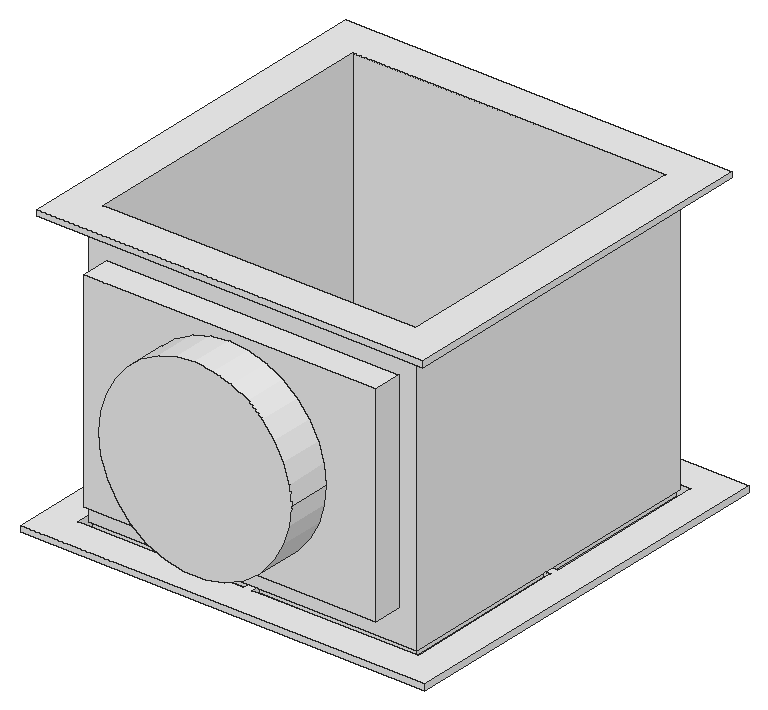
Revit family "Ceiling-Fan_VCDK 010-015C_Carnes", category Mechanical Equipment, host Ceiling, Revit 2012
Parameters
  ecoScorecard_data = ""
  ecoScorecard Product Page = "http://ecoscorecard.com/"
  Warranty URL = "http://www.carnes.com/GeneralCatalogs/termcond.pdf"
  Housing = Aluminum-Carnes-Spun-Brushed
  URL = "http://www.carnes.com/index.html"
  Specifications URL = ""
  Product Page URL = "http://www.carnes.com/ventilation/vcdd-vcdk.htm"
  Parts List URL = "http://www.carnes.com/ventilation/pdf/22005.pdf"
  Model = "VCDK 010-015C"  # constant formula
  Material = ""
  Manufacturer Toll Free Phone = ""
  Manufacturer Phone = "608-845-6411"  # constant formula
  Manufacturer Fax = "608-845-6470"  # constant formula
  Manufacturer Email = "mailto:carnes@carnes.com"
  Manufacturer Address = "448 S. Main St., P. O. Box 930040, Verona, WI 53593-0040"  # constant formula
  Manufacturer = "CARNES COMPANY"  # constant formula
  IOM Instructions URL = "http://www.carnes.com/ventilation/pdf/11221.pdf"
  Grill Size = "12 5/8 Sq."
  Grill Depth = 0' - 0 3/8"
  Grill = Aluminum-Carnes-Spun-Brushed
  Duct Radius = 0' - 3"
  Duct Connector = "6\""
  Description = "Ceiling Ventilators"  # constant formula
  Cost Info = "mailto:carnes@carnes.com"
  Catalog URL = "http://www.carnes.com/ventilation/pdf/C269-C295.pdf"
  Box Size = "10.25\" Sq."
  Box Depth = 0' - 8 13/16"
  Assembly Code = "D3040200"
  95 CSI = "15850"  # constant formula
  04 CSI = "23 37 13"  # constant formula
Reference planes (in)
  plane 1 "Center (Front/Back)": y = 0
  plane 2 "Ceiling": z = 96
  plane 3 "Center (Left/Right)": x = 0
  plane 4: y = 5.125
  plane 5: x = -5.125
  plane 6: y = -5.125
  plane 7: x = 5.125
  plane 8: z = 95.625
  plane 9: z = 104.8125
  plane 10: y = 6.3125
  plane 11: x = -6.3125
  plane 12: y = -6.3125
  plane 13: x = 6.3125
  plane 14: y = 6.03125
  plane 15: x = -6.03125
  plane 16: y = -6.03125
  plane 17: x = 6.03125
  plane 18: z = 104.625
  plane 19: x = 4.875
Forms (in)
  Sweep 1, solid, material "Aluminum-Carnes-Spun-Brushed" <- "Housing", detail levels fine
    path origin (0, 0, 96) x (0, -1, 0) y (1, 0, 0)
      loop
        line (-6.03125, 6.03125) -> (-6.03125, -6.03125) -> (6.03125, -6.03125) -> (6.03125, 6.03125) -> (-6.03125, 6.03125)
    profile origin (6.03125, 0, 96) x (1, 0, 0) y (0, 0, 1)
      loop
        line (0, 8.625) -> (0, 8.8125) -> (-0.90625, 8.8125) -> (-0.90625, 8.625) -> (0, 8.625)
  Sweep 2, solid, material "Aluminum-Carnes-Spun-Brushed" <- "Housing", detail levels fine
    path origin (0, 0, 96) x (0, -1, 0) y (1, 0, 0)
      loop
        line (-5.125, 5.125) -> (-5.125, -5.125) -> (5.125, -5.125) -> (5.125, 5.125) -> (-5.125, 5.125)
    profile origin (5.125, 0, 96) x (1, 0, 0) y (0, 0, 1)
      loop
        line (-0.25, 0) -> (0, 0) -> (0, 8.8125) -> (-0.25, 8.8125) -> (-0.25, 0)
  Extrusion 3, solid, material "Aluminum-Carnes-Spun-Brushed" <- "Housing", detail levels fine
    sketch origin (0, 0, 96.5) x (1, 0, 0) y (0, 0, 1)
      loop
        circle (0, 3.75) r 3
    from 6.03125 to 7.375
  Extrusion 4, solid, material "Aluminum-Carnes-Spun-Brushed" <- "Housing", detail levels fine
    sketch origin (0, 0, 103.75) x (0, -1, 0) y (1, 0, 0)
      loop
        line (5.125, -4.5625) -> (6.03125, -4.5625) -> (6.03125, 4.5625) -> (5.125, 4.5625) -> (5.125, -4.5625)
    from -6.75 to -0.24495
Cuts and joins
  joined: Sweep 1, Sweep 2, Extrusion 3, Extrusion 4
Lines and regions (in)
  Opening 1
    outline origin (-60, 60, 97) x (-1, 0, 0) y (0, -1, 0)
      loop
        line (-53.6875, 53.6875) -> (-53.6875, 66.3125) -> (-66.3125, 66.3125) -> (-66.3125, 53.6875) -> (-53.6875, 53.6875)
  model lines, detail levels coarse+medium
    curve 1: line (6.3125, -6.3125, 96) -> (6.3125, 6.3125, 96)
    curve 2: line (-6.3125, 6.3125, 96) -> (6.3125, 6.3125, 96)
    curve 3: line (-6.3125, -6.3125, 96) -> (-6.3125, 6.3125, 96)
    curve 4: line (-6.3125, -6.3125, 96) -> (-3, -6.3125, 96)
    curve 5: line (-3, -7.375, 96) -> (3, -7.375, 96)
    curve 6: line (3, -7.375, 96) -> (3, -6.3125, 96)
    curve 7: line (-3, -7.375, 96) -> (-3, -6.3125, 96)
    curve 8: line (3, -6.3125, 96) -> (6.3125, -6.3125, 96)
Dimensions and locks (in)
  equal spacing: host sketch curve, plane 3 "Center (Left/Right)", host sketch curve
  equal spacing: host sketch curve, plane 1 "Center (Front/Back)", host sketch curve
  host sketch curve to host sketch curve = 10' - 0"  (x2)
  equal spacing: plane 5, plane 3 "Center (Left/Right)", plane 7
  plane 5 to plane 7 = 0' - 10 1/4"
  equal spacing: plane 4, plane 1 "Center (Front/Back)", plane 6
  plane 4 to plane 6 = 0' - 10 1/4"
  "Grill Depth": plane 2 "Ceiling" to plane 8
  "Box Depth": plane 9 to plane 2 "Ceiling"
  equal spacing: plane 10, plane 1 "Center (Front/Back)", plane 12
  plane 10 to plane 12 = 1' - 0 5/8"
  equal spacing: plane 11, plane 3 "Center (Left/Right)", plane 13
  plane 11 to plane 13 = 1' - 0 5/8"
  equal spacing: plane 15, plane 3 "Center (Left/Right)", plane 17
  plane 15 to plane 17 = 1' - 0 1/16"
  equal spacing: plane 14, plane 1 "Center (Front/Back)", plane 16
  plane 14 to plane 16 = 1' - 0 1/16"
  "Duct Radius": radius of Extrusion 3 sketch curve
  aligned and locked: plane 18 to Sweep 1 sketch curve
  aligned and locked: Sweep 2 sketch curve to plane 19
  aligned and locked: plane 1 "Center (Front/Back)" to nested 1
  aligned and locked: nested 1 to plane 3 "Center (Left/Right)"
Automatic sketch dimensions
  Sweep 1 sketch curve to plane 14 = 0' - 0"
  Sweep 1 sketch curve to plane 15 = 0' - 0"
  plane 16 to Sweep 1 sketch curve = 0' - 0"
  Sweep 1 sketch curve to plane 17 = 0' - 0"
  profile plane to Sweep 1 sketch curve = 0' - 0"
  Sweep 1 sketch curve to plane 18 = 0' - 0 3/16"
  profile plane to Sweep 1 sketch curve = 0' - 0 29/32"
  Sweep 2 sketch curve to plane 4 = 0' - 0"
  plane 6 to Sweep 2 sketch curve = 0' - 0"
  Sweep 2 sketch curve to plane 5 = 0' - 0"
  Sweep 2 sketch curve to plane 7 = 0' - 0"
  profile plane to Sweep 2 sketch curve = 0' - 0"
  Sweep 2 sketch curve to profile plane = 0' - 0"
  profile plane to Sweep 2 sketch curve = 0' - 8 13/16"
  Extrusion 3 sketch curve to plane 3 "Center (Left/Right)" = 0' - 0"
  plane 2 "Ceiling" to Extrusion 3 sketch curve = 0' - 4 1/4"
  plane 6 to Extrusion 4 sketch curve = 0' - 0"
  plane 16 to Extrusion 4 sketch curve = 0' - 0"
  plane 5 to Extrusion 4 sketch curve = 0' - 0 9/16"
  plane 7 to Extrusion 4 sketch curve = 0' - 0 9/16"
  plane 12 to Opening 1 sketch curve = 0' - 0"
  plane 13 to Opening 1 sketch curve = 0' - 0"
  plane 11 to Opening 1 sketch curve = 0' - 0"
  plane 10 to Opening 1 sketch curve = 0' - 0"
  curve 3 to plane 10 = 0' - 0"
  curve 3 to plane 11 = 0' - 0"
  curve 1 to plane 13 = 0' - 0"
  plane 5 to curve 7 = 0' - 2 1/8"
  plane 7 to curve 6 = 0' - 2 1/8"
  curve 5 to curve 7 = 0' - 1 1/16"
  plane 12 to curve 6 = 0' - 0"
  plane 12 to curve 4 = 0' - 0"
Nested families (in)
  nested 1: "Grill 1" at (0, 0, 95.625) x (0, -1, 0) z (0, 0, 1), type "Grill 1", detail levels fine
    with Width 1' - 0 5/8", Depth 1' - 0 5/8"
Definition of nested family "Grill 1"
  Parameters (values of type "Grill 1")
    Width = 0' - 9 11/16"
    Height = 0' - 0 3/8"
    Grill = none
    Depth = 0' - 9 11/16"
    Default Elevation = 4' - 0"
    Assembly Code = ""
  Reference planes (in)
    plane 1 "Center (Front/Back)": y = 0
    plane 2: z = 0
    plane 3 "Center (Left/Right)": x = 0
    plane 4: x = -4.84375
    plane 5: x = 4.84375
    plane 6: y = 4.84375
    plane 7: y = -4.84375
    plane 8: z = 0.375
  Forms (in)
    Sweep 1, solid, material <- "Grill"
      path origin (0, 0, 0) x (1, 0, 0) y (0, 1, 0)
        loop
          line (-4.84375, 4.84375) -> (-4.84375, -4.84375) -> (4.84375, -4.84375) -> (4.84375, 4.84375) -> (-4.84375, 4.84375)
      profile origin (0, 4.84375, 0) x (0, 1, 0) y (0, 0, 1)
        loop
          line (0, 0.375) -> (-1, 0.375) -> (-1, 0) -> (-0.54372, 0) -> (0, 0.1875) -> (0, 0.375)
    Sweep 2, solid, material <- "Grill"
      path in 3D
        loop
          line (-3.84375, 3.84375, 0.375) -> (3.84375, 3.84375, 0.375) -> (3.84375, -3.84375, 0.375) -> (-3.84375, -3.84375, 0.375) -> (-3.84375, 3.84375, 0.375)
      profile origin (-3.84375, 0, 0.375) x (-1, 0, 0) y (0, 0, 1)
        loop
          line (-0.25, -0.1875) -> (-0.25, 0) -> (-0.5, 0) -> (-0.5, -0.375) -> (-0.375, -0.375) -> (-0.25, -0.1875)
    Sweep 3, solid, material <- "Grill"
      path in 3D
        loop
          line (3.34375, 3.34375, 0.375) -> (3.34375, -3.34375, 0.375) -> (-3.34375, -3.34375, 0.375) -> (-3.34375, 3.34375, 0.375) -> (3.34375, 3.34375, 0.375)
      profile origin (0, 3.34375, 0.375) x (0, 1, 0) y (0, 0, 1)
        loop
          line (-0.25, -0.1875) -> (-0.25, 0) -> (-0.5, 0) -> (-0.5, -0.375) -> (-0.375, -0.375) -> (-0.25, -0.1875)
    Sweep 4, solid, material <- "Grill"
      path in 3D
        loop
          line (2.84375, 2.84375, 0.375) -> (2.84375, -2.84375, 0.375) -> (-2.84375, -2.84375, 0.375) -> (-2.84375, 2.84375, 0.375) -> (2.84375, 2.84375, 0.375)
      profile origin (0, 2.84375, 0.375) x (0, 1, 0) y (0, 0, 1)
        loop
          line (-0.25, -0.1875) -> (-0.25, 0) -> (-0.5, 0) -> (-0.5, -0.375) -> (-0.375, -0.375) -> (-0.25, -0.1875)
    Sweep 5, solid, material <- "Grill"
      path in 3D
        loop
          line (2.34375, 2.34375, 0.375) -> (2.34375, -2.34375, 0.375) -> (-2.34375, -2.34375, 0.375) -> (-2.34375, 2.34375, 0.375) -> (2.34375, 2.34375, 0.375)
      profile origin (0, 2.34375, 0.375) x (0, 1, 0) y (0, 0, 1)
        loop
          line (-0.25, -0.1875) -> (-0.25, 0) -> (-0.5, 0) -> (-0.5, -0.375) -> (-0.375, -0.375) -> (-0.25, -0.1875)
    Sweep 6, solid, material <- "Grill"
      path in 3D
        loop
          line (-1.84375, 1.84375, 0.375) -> (1.84375, 1.84375, 0.375) -> (1.84375, -1.84375, 0.375) -> (-1.84375, -1.84375, 0.375) -> (-1.84375, 1.84375, 0.375)
      profile origin (-1.84375, 0, 0.375) x (-1, 0, 0) y (0, 0, 1)
        loop
          line (-0.25, -0.1875) -> (-0.25, 0) -> (-0.5, 0) -> (-0.5, -0.375) -> (-0.375, -0.375) -> (-0.25, -0.1875)
    Sweep 7, solid, material <- "Grill"
      path in 3D
        loop
          line (-1.34375, 1.34375, 0.375) -> (1.34375, 1.34375, 0.375) -> (1.34375, -1.34375, 0.375) -> (-1.34375, -1.34375, 0.375) -> (-1.34375, 1.34375, 0.375)
      profile origin (-1.34375, 0, 0.375) x (-1, 0, 0) y (0, 0, 1)
        loop
          line (-0.5, -0.375) -> (-0.5, 0) -> (-0.75, 0) -> (-0.75, -0.375) -> (-0.5, -0.375)
    Extrusion 8, solid, material <- "Grill"
      sketch origin (0, 0, 0) x (1, 0, 0) y (0, 1, 0)
        loop
          line (-0.59375, 0.59375) -> (-0.59375, -0.59375) -> (0.59375, -0.59375) -> (0.59375, 0.59375) -> (-0.59375, 0.59375)
      from 0 to 0.375
    Extrusion 9, solid, material <- "Grill"
      sketch origin (0, 0, 0) x (1, 0, 0) y (0, 1, 0)
        loop
          line (-0.125, 0.84375) -> (0.125, 0.84375) -> (0.125, 1.34375) -> (-0.125, 1.34375) -> (-0.125, 0.84375)
        loop
          line (0.125, 3.84375) -> (-0.125, 3.84375) -> (-0.125, 3.59375) -> (0.125, 3.59375) -> (0.125, 3.84375)
        loop
          line (-0.125, 3.34375) -> (-0.125, 3.09375) -> (0.125, 3.09375) -> (0.125, 3.34375) -> (-0.125, 3.34375)
        loop
          line (-0.125, 2.84375) -> (-0.125, 2.59375) -> (0.125, 2.59375) -> (0.125, 2.84375) -> (-0.125, 2.84375)
        loop
          line (-0.125, 2.34375) -> (-0.125, 2.09375) -> (0.125, 2.09375) -> (0.125, 2.34375) -> (-0.125, 2.34375)
        loop
          line (-0.125, 1.84375) -> (-0.125, 1.59375) -> (0.125, 1.59375) -> (0.125, 1.84375) -> (-0.125, 1.84375)
      from 0 to 0.375
    Extrusion 10, solid, material <- "Grill"
      sketch origin (0, 0, 0) x (1, 0, 0) y (0, 1, 0)
        loop
          line (3.84375, -0.125) -> (3.84375, 0.125) -> (3.59375, 0.125) -> (3.59375, -0.125) -> (3.84375, -0.125)
        loop
          line (3.34375, 0.125) -> (3.09375, 0.125) -> (3.09375, -0.125) -> (3.34375, -0.125) -> (3.34375, 0.125)
        loop
          line (2.84375, 0.125) -> (2.59375, 0.125) -> (2.59375, -0.125) -> (2.84375, -0.125) -> (2.84375, 0.125)
        loop
          line (2.34375, 0.125) -> (2.09375, 0.125) -> (2.09375, -0.125) -> (2.34375, -0.125) -> (2.34375, 0.125)
        loop
          line (1.84375, 0.125) -> (1.59375, 0.125) -> (1.59375, -0.125) -> (1.84375, -0.125) -> (1.84375, 0.125)
        loop
          line (1.34375, 0.125) -> (0.84375, 0.125) -> (0.84375, -0.125) -> (1.34375, -0.125) -> (1.34375, 0.125)
      from 0 to 0.375
    Extrusion 11, solid, material <- "Grill"
      sketch origin (0, 0, 0) x (1, 0, 0) y (0, 1, 0)
        loop
          line (-3.84375, 0.125) -> (-3.84375, -0.125) -> (-3.59375, -0.125) -> (-3.59375, 0.125) -> (-3.84375, 0.125)
        loop
          line (-0.84375, -0.125) -> (-0.84375, 0.125) -> (-1.34375, 0.125) -> (-1.34375, -0.125) -> (-0.84375, -0.125)
        loop
          line (-3.34375, -0.125) -> (-3.09375, -0.125) -> (-3.09375, 0.125) -> (-3.34375, 0.125) -> (-3.34375, -0.125)
        loop
          line (-2.84375, -0.125) -> (-2.59375, -0.125) -> (-2.59375, 0.125) -> (-2.84375, 0.125) -> (-2.84375, -0.125)
        loop
          line (-2.34375, -0.125) -> (-2.09375, -0.125) -> (-2.09375, 0.125) -> (-2.34375, 0.125) -> (-2.34375, -0.125)
        loop
          line (-1.84375, -0.125) -> (-1.59375, -0.125) -> (-1.59375, 0.125) -> (-1.84375, 0.125) -> (-1.84375, -0.125)
      from 0 to 0.375
    Extrusion 12, solid, material <- "Grill"
      sketch origin (0, 0, 0) x (1, 0, 0) y (0, 1, 0)
        loop
          line (-0.125, -3.84375) -> (0.125, -3.84375) -> (0.125, -3.59375) -> (-0.125, -3.59375) -> (-0.125, -3.84375)
        loop
          line (0.125, -0.84375) -> (-0.125, -0.84375) -> (-0.125, -1.34375) -> (0.125, -1.34375) -> (0.125, -0.84375)
        loop
          line (0.125, -3.34375) -> (0.125, -3.09375) -> (-0.125, -3.09375) -> (-0.125, -3.34375) -> (0.125, -3.34375)
        loop
          line (0.125, -2.84375) -> (0.125, -2.59375) -> (-0.125, -2.59375) -> (-0.125, -2.84375) -> (0.125, -2.84375)
        loop
          line (0.125, -2.34375) -> (0.125, -2.09375) -> (-0.125, -2.09375) -> (-0.125, -2.34375) -> (0.125, -2.34375)
        loop
          line (0.125, -1.84375) -> (0.125, -1.59375) -> (-0.125, -1.59375) -> (-0.125, -1.84375) -> (0.125, -1.84375)
      from 0 to 0.375
  Cuts and joins
    joined: Sweep 1, Sweep 2, Sweep 3, Sweep 4, Sweep 5, Sweep 6, Sweep 7, Extrusion 8, Extrusion 9, Extrusion 10, Extrusion 11, Extrusion 12
  Lines and regions (in)
    sketch lines
      curve 1: line (-3.84375, -3.84375, 0.375) -> (-3.84375, 3.84375, 0.375)
      curve 2: line (3.84375, -3.84375, 0.375) -> (-3.84375, -3.84375, 0.375)
      curve 3: line (3.84375, 3.84375, 0.375) -> (3.84375, -3.84375, 0.375)
      curve 4: line (-3.84375, 3.84375, 0.375) -> (3.84375, 3.84375, 0.375)
      curve 5: line (-3.34375, 3.34375, 0.375) -> (3.34375, 3.34375, 0.375)
      curve 6: line (-3.34375, -3.34375, 0.375) -> (-3.34375, 3.34375, 0.375)
      curve 7: line (3.34375, -3.34375, 0.375) -> (-3.34375, -3.34375, 0.375)
      curve 8: line (3.34375, 3.34375, 0.375) -> (3.34375, -3.34375, 0.375)
      curve 9: line (-2.84375, 2.84375, 0.375) -> (2.84375, 2.84375, 0.375)
      curve 10: line (-2.84375, -2.84375, 0.375) -> (-2.84375, 2.84375, 0.375)
      curve 11: line (2.84375, -2.84375, 0.375) -> (-2.84375, -2.84375, 0.375)
      curve 12: line (2.84375, 2.84375, 0.375) -> (2.84375, -2.84375, 0.375)
      curve 13: line (-2.34375, 2.34375, 0.375) -> (2.34375, 2.34375, 0.375)
      curve 14: line (-2.34375, -2.34375, 0.375) -> (-2.34375, 2.34375, 0.375)
      curve 15: line (2.34375, -2.34375, 0.375) -> (-2.34375, -2.34375, 0.375)
      curve 16: line (2.34375, 2.34375, 0.375) -> (2.34375, -2.34375, 0.375)
      curve 17: line (-1.84375, -1.84375, 0.375) -> (-1.84375, 1.84375, 0.375)
      curve 18: line (1.84375, -1.84375, 0.375) -> (-1.84375, -1.84375, 0.375)
      curve 19: line (1.84375, 1.84375, 0.375) -> (1.84375, -1.84375, 0.375)
      curve 20: line (-1.84375, 1.84375, 0.375) -> (1.84375, 1.84375, 0.375)
      curve 21: line (-1.34375, -1.34375, 0.375) -> (-1.34375, 1.34375, 0.375)
      curve 22: line (1.34375, -1.34375, 0.375) -> (-1.34375, -1.34375, 0.375)
      curve 23: line (1.34375, 1.34375, 0.375) -> (1.34375, -1.34375, 0.375)
      curve 24: line (-1.34375, 1.34375, 0.375) -> (1.34375, 1.34375, 0.375)
  Dimensions and locks (in)
    equal spacing: plane 6, plane 1 "Center (Front/Back)", plane 7
    equal spacing: plane 4, plane 3 "Center (Left/Right)", plane 5
    "Width": plane 4 to plane 5
    "Depth": plane 6 to plane 7
    "Height": plane 8 to plane 2
    locked: profile plane to Sweep 1 sketch curve at 0.54372
    locked: plane 8 to Sweep 1 sketch curve at 0.1875
    equal spacing: Extrusion 9 sketch curve, plane 3 "Center (Left/Right)", Extrusion 9 sketch curve
    equal spacing: Extrusion 10 sketch curve, plane 1 "Center (Front/Back)", Extrusion 10 sketch curve
    aligned and locked: plane 2 to level
    aligned and locked: Sweep 1 sketch curve to plane 6
    aligned and locked: Sweep 1 sketch curve to plane 4
    aligned and locked: Sweep 1 sketch curve to plane 7
    aligned and locked: Sweep 1 sketch curve to plane 5
    aligned and locked: Sweep 1 sketch curve to profile plane
    aligned and locked: Sweep 1 sketch curve to plane 8
    aligned and locked: profile plane to Sweep 1 sketch curve
    aligned and locked: profile plane to Sweep 2 sketch curve
    aligned and locked: level to Sweep 2 sketch curve
    aligned and locked: profile plane to Sweep 3 sketch curve
    aligned and locked: level to Sweep 3 sketch curve
    aligned and locked: profile plane to Sweep 4 sketch curve
    aligned and locked: level to Sweep 4 sketch curve
    aligned and locked: profile plane to Sweep 5 sketch curve
    aligned and locked: level to Sweep 5 sketch curve
    aligned and locked: profile plane to Sweep 6 sketch curve
    aligned and locked: level to Sweep 6 sketch curve
    aligned and locked: profile plane to Sweep 7 sketch curve
    aligned and locked: level to Sweep 7 sketch curve
    aligned and locked: Extrusion 8 sketch curve to Sweep 7  (x4)
    aligned and locked: Extrusion 8 to plane 2
    aligned and locked: plane 8 to Extrusion 8
    aligned and locked: Sweep 1 to Extrusion 9 sketch curve
    aligned and locked: Sweep 2 to Extrusion 9 sketch curve  (x2)
    aligned and locked: Sweep 3 to Extrusion 9 sketch curve
    aligned and locked: Sweep 4 to Extrusion 9 sketch curve
    aligned and locked: Sweep 5 to Extrusion 9 sketch curve  (x2)
    aligned and locked: Extrusion 9 sketch curve to Extrusion 9 sketch curve  (x10)
    aligned and locked: Extrusion 9 to plane 2
    aligned and locked: plane 8 to Extrusion 9
    aligned and locked: cut or joined group 1 (Sweep 1, Sweep 2, Sweep 3, Sweep 4, Sweep 5, Sweep 6, Sweep 7, Extrusion 8, Extrusion 9, Extrusion 10, Extrusion 11, Extrusion 12) to Extrusion 10 sketch curve  (x11)
    aligned and locked: Extrusion 10 sketch curve to Extrusion 10 sketch curve  (x10)
    aligned and locked: Extrusion 10 to plane 2
    aligned and locked: plane 8 to Extrusion 10
    aligned and locked: cut or joined group 1 to Extrusion 11 sketch curve  (x12)
    aligned and locked: Extrusion 11 to plane 2
    aligned and locked: plane 8 to Extrusion 11
    aligned and locked: cut or joined group 1 to Extrusion 12 sketch curve  (x12)
    aligned and locked: Extrusion 12 to plane 2
    aligned and locked: plane 8 to Extrusion 12
  Automatic sketch dimensions
    Sweep 1 sketch curve to Sweep 1 sketch curve = 0' - 0.45628"
    profile plane to Sweep 2 sketch curve = 0' - 0 1/2"
    Sweep 2 sketch curve to Sweep 2 sketch curve = 0' - 0 1/8"
    profile plane to Sweep 2 sketch curve = 0' - 0 1/4"
    Sweep 2 sketch curve to Sweep 2 sketch curve = 0' - 0 3/16"
    profile plane to Sweep 3 sketch curve = 0' - 0 1/2"
    Sweep 3 sketch curve to Sweep 3 sketch curve = 0' - 0 1/8"
    profile plane to Sweep 3 sketch curve = 0' - 0 1/4"
    Sweep 3 sketch curve to Sweep 3 sketch curve = 0' - 0 3/16"
    profile plane to Sweep 4 sketch curve = 0' - 0 1/2"
    Sweep 4 sketch curve to Sweep 4 sketch curve = 0' - 0 1/8"
    Sweep 4 sketch curve to Sweep 4 sketch curve = 0' - 0 1/4"
    Sweep 4 sketch curve to profile plane = 0' - 0 3/16"
    profile plane to Sweep 5 sketch curve = 0' - 0 1/2"
    Sweep 5 sketch curve to Sweep 5 sketch curve = 0' - 0 1/8"
    Sweep 5 sketch curve to Sweep 5 sketch curve = 0' - 0 1/4"
    Sweep 5 sketch curve to profile plane = 0' - 0 3/16"
    profile plane to Sweep 6 sketch curve = 0' - 0 1/2"
    Sweep 6 sketch curve to Sweep 6 sketch curve = 0' - 0 1/8"
    Sweep 6 sketch curve to Sweep 6 sketch curve = 0' - 0 1/4"
    Sweep 6 sketch curve to profile plane = 0' - 0 3/16"
    profile plane to Sweep 7 sketch curve = 0' - 0 3/4"
    Sweep 7 sketch curve to Sweep 7 sketch curve = 0' - 0 1/4"
    Extrusion 9 sketch curve to plane 3 "Center (Left/Right)" = 0' - 0 1/8"
    Extrusion 10 sketch curve to plane 1 "Center (Front/Back)" = 0' - 0 1/8"
    Extrusion 10 sketch curve to Extrusion 10 sketch curve = 0' - 0 1/4"
    Extrusion 9 sketch curve to Extrusion 9 sketch curve = 0' - 0 1/4"  (x4)
    Extrusion 9 sketch curve to Extrusion 9 sketch curve = 0' - 0 1/2"
    Extrusion 11 sketch curve to plane 1 "Center (Front/Back)" = 0' - 0 1/8"  (x4)
    Extrusion 11 sketch curve to Extrusion 11 sketch curve = 0' - 0"  (x4)
    plane 1 "Center (Front/Back)" to Extrusion 11 sketch curve = 0' - 0 1/8"  (x4)
    Extrusion 12 sketch curve to plane 3 "Center (Left/Right)" = 0' - 0 1/8"  (x3)
    Extrusion 12 sketch curve to Extrusion 12 sketch curve = 0' - 0"  (x8)
    plane 3 "Center (Left/Right)" to Extrusion 12 sketch curve = 0' - 0 1/8"
